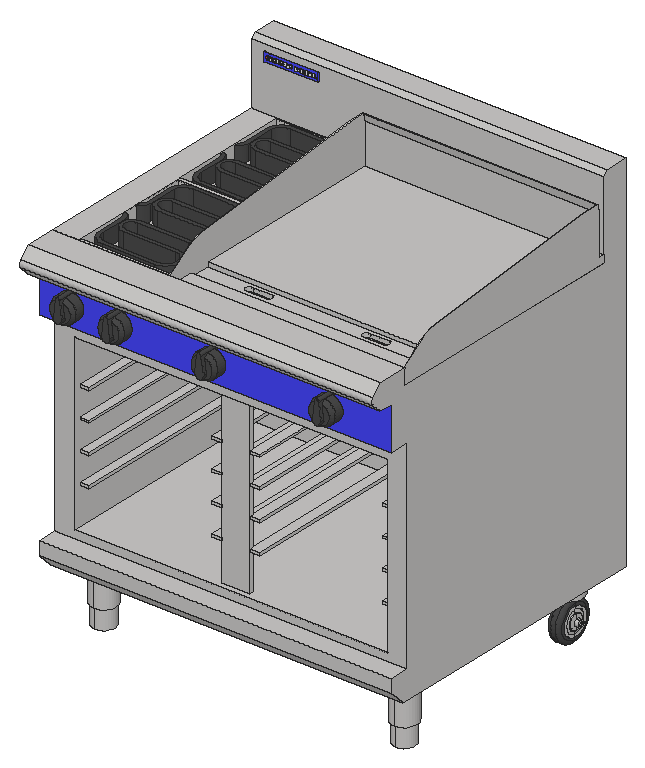
Revit family "QF_MOFFAT_BLUESEAL_CE_E516B-CB", category Specialty Equipment, Revit 2012 (continued)
Definition of nested family "ELECTRIC BURNER & GRIDDLE 900"
  Lines and regions (mm)
    symbolic lines
      curve 83: line (65.8, -320.251, 0) -> (294.362, -320.251, 0)
      curve 84: line (294.362, -320.251, 0) -> (294.362, -630, 0)
      curve 85: line (294.362, -630, 0) -> (65.8, -630, 0)
      curve 86: line (65.8, -630, 0) -> (65.8, -320.251, 0)
      curve 87: line (65.8, -312.651, 0) -> (65.8, -5, 0)
      curve 88: line (65.8, -5, 0) -> (294.362, -5, 0)
      curve 89: line (294.362, -5, 0) -> (294.362, -312.651, 0)
      curve 90: line (294.362, -312.651, 0) -> (65.8, -312.651, 0)
  Dimensions and locks
    equal spacing: plane 3 "LEFT", plane 7 "Center Y", plane 4 "RIGHT"
    "Width": plane 3 "LEFT" to plane 4 "RIGHT"
    equal spacing: plane 5 "FRONT", plane 8 "Center X", plane 1 "BACK"
    "Depth": plane 5 "FRONT" to plane 1 "BACK"
    aligned and locked: level to plane 2
  Automatic sketch dimensions
    plane 1 "BACK" to Extrusion 1 sketch curve = 0 mm
    Extrusion 1 sketch curve to plane 10 = 0 mm  (x2)
    Extrusion 1 sketch curve to plane 3 "LEFT" = 0 mm
    plane 5 "FRONT" to Extrusion 1 sketch curve = 0 mm
    plane 1 "BACK" to Extrusion 1 sketch curve = 5 mm
    plane 8 "Center X" to Extrusion 1 sketch curve = 4.849 mm
    Extrusion 1 sketch curve to plane 8 "Center X" = 2.751 mm
    Extrusion 1 sketch curve to plane 5 "FRONT" = 5 mm
    Extrusion 1 sketch curve to plane 7 "Center Y" = 155.638 mm  (x2)
    Extrusion 1 sketch curve to Extrusion 1 sketch curve = 5.638 mm
    Extrusion 2 sketch curve to Extrusion 2 sketch curve = 0 mm  (x35)
    plane 1 "BACK" to Extrusion 2 sketch curve = 9.75 mm
    Extrusion 2 sketch curve to Extrusion 2 sketch curve = 10 mm  (x2)
    plane 9 to Extrusion 2 sketch curve = 24.786 mm
    Extrusion 2 sketch curve to Extrusion 2 sketch curve = 0.182 mm  (x4)
    plane 9 to Extrusion 2 sketch curve = 23.546 mm
    plane 9 to Extrusion 2 sketch curve = 22.55 mm
    Extrusion 2 sketch curve to Extrusion 2 sketch curve = 17.7 mm  (x4)
    Extrusion 2 sketch curve to plane 9 = 46.093 mm
    Extrusion 2 sketch curve to Extrusion 2 sketch curve = 0.4 mm  (x2)
    Extrusion 2 sketch curve to Extrusion 2 sketch curve = 0.111 mm  (x2)
    Extrusion 2 sketch curve to Extrusion 2 sketch curve = 14.806 mm
    Extrusion 2 sketch curve to Extrusion 2 sketch curve = 10.393 mm
    Extrusion 2 sketch curve to Extrusion 2 sketch curve = 27.7 mm  (x6)
    Extrusion 2 sketch curve to Extrusion 2 sketch curve = 33.826 mm
    Extrusion 2 sketch curve to Extrusion 2 sketch curve = 10.413 mm  (x2)
    Extrusion 2 sketch curve to Extrusion 2 sketch curve = 14.364 mm
    Extrusion 2 sketch curve to Extrusion 2 sketch curve = 0.123 mm  (x2)
    Extrusion 2 sketch curve to Extrusion 2 sketch curve = 14.934 mm  (x2)
    Extrusion 2 sketch curve to Extrusion 2 sketch curve = 26.704 mm  (x2)
    Extrusion 2 sketch curve to Extrusion 2 sketch curve = 1.058 mm  (x3)
    Extrusion 2 sketch curve to plane 8 "Center X" = 4.75 mm
    Extrusion 2 sketch curve to plane 8 "Center X" = 40.214 mm
    Extrusion 2 sketch curve to Extrusion 2 sketch curve = 4.516 mm
    Extrusion 2 sketch curve to Extrusion 2 sketch curve = 0.447 mm
    Extrusion 2 sketch curve to Extrusion 2 sketch curve = 33.7 mm
    Extrusion 2 sketch curve to Extrusion 2 sketch curve = 10.306 mm
    Extrusion 2 sketch curve to Extrusion 2 sketch curve = 14.508 mm
    plane 3 "LEFT" to Extrusion 2 sketch curve = 59.946 mm  (x2)
    plane 3 "LEFT" to Extrusion 2 sketch curve = 60.128 mm  (x2)
    Extrusion 2 sketch curve to Extrusion 2 sketch curve = 4.872 mm
    Extrusion 2 sketch curve to Extrusion 2 sketch curve = 5.484 mm
    Extrusion 2 sketch curve to Extrusion 2 sketch curve = 5.667 mm  (x2)
    Extrusion 2 sketch curve to Extrusion 2 sketch curve = 26.701 mm  (x4)
    Extrusion 2 sketch curve to Extrusion 2 sketch curve = 0.999 mm  (x3)
    Extrusion 2 sketch curve to Extrusion 2 sketch curve = 0.156 mm
    Extrusion 2 sketch curve to Extrusion 2 sketch curve = 0.625 mm
    Extrusion 2 sketch curve to Extrusion 2 sketch curve = 1.25 mm  (x2)
    Extrusion 2 sketch curve to Extrusion 2 sketch curve = 132.6 mm
    Extrusion 2 sketch curve to Extrusion 2 sketch curve = 132.428 mm
    Extrusion 2 sketch curve to Extrusion 2 sketch curve = 131.35 mm
    curve 11 to curve 37 = 0 mm  (x2)
    curve 15 to curve 33 = 0 mm  (x2)
    curve 19 to curve 29 = 0 mm  (x2)
    curve 21 to curve 27 = 0 mm  (x2)
    curve 23 to curve 25 = 0 mm  (x2)
    curve 39 to curve 45 = 0 mm  (x2)
    curve 41 to curve 43 = 0 mm  (x2)
    curve 49 to curve 67 = 0 mm  (x2)
    curve 53 to curve 63 = 0 mm  (x2)
    curve 55 to curve 61 = 0 mm  (x2)
    curve 57 to curve 59 = 0 mm  (x2)
    curve 71 to curve 81 = 0 mm  (x2)
    curve 73 to curve 79 = 0 mm  (x2)
    curve 75 to curve 77 = 0 mm  (x2)
    curve 1 to plane 3 "LEFT" = 0 mm
    plane 5 "FRONT" to curve 7 = 0 mm
    curve 3 to plane 4 "RIGHT" = 0 mm
    plane 1 "BACK" to curve 82 = 0 mm
    plane 3 "LEFT" to curve 25 = 59.946 mm
    plane 3 "LEFT" to curve 75 = 59.946 mm
    plane 3 "LEFT" to curve 59 = 60.128 mm
    plane 3 "LEFT" to curve 43 = 60.128 mm
    curve 57 to curve 58 = 4.872 mm
    curve 23 to curve 25 = 5.667 mm
    curve 41 to curve 43 = 5.484 mm
    curve 75 to curve 76 = 5.667 mm
    curve 7 to plane 8 "Center X" = 2.751 mm
    plane 3 "LEFT" to curve 7 = 65.8 mm
    curve 90 to curve 7 = 0 mm
    curve 57 to curve 59 = 15.784 mm
    curve 75 to curve 74 = 15.967 mm
    curve 87 to curve 27 = 10.112 mm
    curve 87 to curve 39 = 10.112 mm
    curve 25 to curve 23 = 10 mm
    curve 39 to curve 44 = 10 mm
    curve 73 to curve 79 = 10 mm
    curve 59 to curve 57 = 10 mm
    curve 44 to curve 39 = 26.701 mm
    curve 21 to curve 27 = 26.701 mm
    curve 79 to curve 79 = 26.701 mm
    curve 56 to curve 55 = 26.701 mm
    curve 23 to curve 32 = 27.7 mm
    curve 36 to plane 9 = 15.15 mm
    curve 39 to curve 36 = 0.999 mm
    curve 56 to curve 66 = 27.7 mm
    curve 55 to curve 55 = 0.999 mm
    curve 77 to curve 68 = 27.7 mm
    curve 21 to curve 20 = 0.999 mm
    curve 79 to plane 8 "Center X" = 14.75 mm
    curve 73 to curve 79 = 0.999 mm
    curve 39 to curve 45 = 0.999 mm
    curve 35 to curve 13 = 0.156 mm
    curve 54 to curve 62 = 0.172 mm
    curve 45 to curve 39 = 0.172 mm
    curve 80 to curve 72 = 0.172 mm
    curve 20 to curve 27 = 0.172 mm
    curve 31 to curve 17 = 0.625 mm
    curve 65 to curve 51 = 1.25 mm
    curve 68 to curve 48 = 1.25 mm
    curve 54 to plane 5 "FRONT" = 25.75 mm
    curve 54 to curve 54 = 132.6 mm
    curve 50 to curve 63 = 0 mm
    curve 46 to curve 68 = 0 mm
    plane 1 "BACK" to curve 38 = 9.75 mm
    curve 39 to curve 38 = 132.428 mm
    curve 34 to curve 36 = 0 mm
    curve 30 to curve 32 = 0 mm
    plane 8 "Center X" to curve 90 = 4.849 mm
    curve 29 to curve 90 = 48.15 mm
    curve 9 to plane 5 "FRONT" = 0.299 mm
    curve 62 to curve 9 = 48.15 mm
    curve 8 to curve 89 = 0 mm
    curve 9 to curve 9 = 11.275 mm
    plane 4 "RIGHT" to curve 2 = 65.612 mm
    curve 6 to curve 86 = 5 mm
    curve 62 to curve 54 = 10 mm
    curve 55 to curve 60 = 25.464 mm
    curve 54 to curve 53 = 27.7 mm
    curve 64 to curve 65 = 17.7 mm
    curve 65 to curve 51 = 0 mm
    curve 59 to curve 66 = 4.457 mm
    curve 57 to curve 59 = 0.4 mm
    curve 59 to curve 57 = 0.111 mm
    curve 49 to curve 67 = 27.7 mm
    curve 57 to curve 77 = 33.7 mm
    curve 77 to curve 76 = 10.413 mm
    curve 75 to curve 77 = 14.364 mm
    curve 68 to curve 69 = 17.7 mm
    curve 69 to curve 47 = 0 mm
    curve 79 to curve 79 = 26.704 mm
    plane 8 "Center X" to curve 28 = 10.75 mm
    curve 28 to curve 19 = 10 mm
    curve 87 to curve 26 = 41.365 mm
    curve 20 to curve 19 = 27.7 mm
    curve 30 to curve 31 = 17.7 mm
    curve 31 to curve 17 = 0 mm
    curve 23 to curve 32 = 4.516 mm
    curve 23 to curve 26 = 0.447 mm
    curve 25 to curve 23 = 0.123 mm
    curve 15 to curve 33 = 27.7 mm
    curve 24 to curve 43 = 33.826 mm
    curve 42 to curve 41 = 10.393 mm
    curve 42 to curve 43 = 14.296 mm
    curve 35 to curve 13 = 0 mm
    curve 39 to curve 10 = 26.704 mm
    plane 1 "BACK" to curve 88 = 5 mm
  Nested families
    nested 1: "ELECTRIC GRIDDLE PLATE 300" at (300, -15, 0), type "ELECTRIC GRIDDLE PLATE 300"
      with Width 600 mm, Type Mark "", Status "", Specification by User "", Show Clearance yes, Revision Code "", Number of Poles 1, Mechanical Remarks "", Mechanical Connection Type "", Item Number "", Installed By "", Identify Quantity as Lot yes, Gas RI Height 0 mm, Gas KW 0, Gas Input 0.0 Btu/h, Furnished By "", Foodservice Equipment Identifier yes, Electrical Remarks "", Electric Connection Type "", Elec Conn RI Height 0 mm, Elec Conn Connection Height 0 mm, Depth 620 mm
  Definition of nested family "ELECTRIC GRIDDLE PLATE 300"
    Parameters (values of type "ELECTRIC GRIDDLE PLATE 300")
      Width [instance] = 600 mm
      Weight in Pounds = 0
      Watts = 0 W
      Volts = 0 V
      URL Cutsheet = ""
      Type Mark [instance] = ""
      Status [instance] = ""
      Specification by User [instance] = ""
      Specification by Manufacturer = ""
      Show Clearance [instance] = yes
      Serial Number = ""
      Seismic Rating = ""
      SMACNA No = ""
      Revision Code [instance] = ""
      Phase = 1
      Omniclass Number and Title = ""
      Number of Poles [instance] = 1
      NAFEM Spec ID Number = ""
      Min Ckt Ampacity = 0 A
      Mechanical Remarks [instance] = ""
      Mechanical Connection Type [instance] = ""
      Max Overcurrent Protection = 0 A
      Masterspec = ""
      Item Number [instance] = ""
      Installed By [instance] = ""
      Identify Quantity as Lot [instance] = yes
      HP = ""
      Gas Size = 0"
      Gas RI Height [instance] = 0 mm
      Gas KW [instance] = 0
      Gas Input [instance] = 0.0 Btu/h
      Gas Connection Height = 0 mm
      Furnished By [instance] = ""
      Foodservice Equipment Identifier [instance] = yes
      FL Amps = 0 A
      Electrical Remarks [instance] = ""
      Electric Connection Type [instance] = ""
      Elec Conn RI Height [instance] = 0 mm
      Elec Conn Connection Height [instance] = 0 mm
      Depth [instance] = 620 mm
      Cycle = 0 Hz
      Conn Plug = ""
      Conn Conduit = yes
      CSI MasterFormat = ""
      CSI Master Format = ""
      Apparent Power = if(Phase = 3, Volts * FL Amps * 1.73, Volts * FL Amps)  # 0 VA
    Reference planes
      plane 1 "BACK": y = 0
      plane 2: z = 0
      plane 3 "LEFT": x = 0
      plane 4 "RIGHT": x = 600
      plane 5 "FRONT": y = -620
      plane 6 "TOP": z = 142.5
      plane 7 "Center Y": x = 300
      plane 8 "Center X": y = -310
      plane 9: y = -530.997
      plane 10: y = -541.497
      plane 11: y = -503.25
      plane 12: y = -557.737
    Forms (mm)
      Extrusion 1, solid, material "QF_Finishes_Stainless Steel"
        sketch origin (0, 70.003, -874.5) x (0, 1, 0) y (0, 0, 1)
          loop
            line (-70, 875) -> (-70, 997.489) -> (-75.228, 1017) -> (-117.24, 1017) -> (-589.533, 971.523)
            arc (-589.533, 971.523) -> (-614.56, 965.803) -> (-637.306, 953.899) r 100
            line (-637.306, 953.899) -> (-690.003, 917) -> (-690.003, 875) -> (-70, 875)
        from 0 to 1.8
      Extrusion 2, solid, material "QF_Finishes_Stainless Steel"
        sketch origin (600, 70.003, -874.5) x (0, -1, 0) y (0, 0, 1)
          loop
            line (70, 875) -> (690.003, 875) -> (690.003, 917) -> (637.306, 953.899)
            arc (637.306, 953.899) -> (614.56, 965.803) -> (589.533, 971.523) r 100
            line (589.533, 971.523) -> (117.24, 1017) -> (75.228, 1017) -> (70, 997.489) -> (70, 875)
        from 0 to 1.2
      Extrusion 3, solid, material "QF_Finishes_Stainless Steel"
        sketch origin (150, 70.003, -874.5) x (0, 1, 0) y (0, 0, 1)
          loop
            line (-55, 895) -> (-573.253, 895) -> (-573.253, 884.5) -> (-627.74, 884.5) -> (-627.74, 895) -> (-690.003, 895) -> (-690.003, 875) -> (-55, 875) -> (-55, 895)
        from -148.2 to 450
      Extrusion 4, void
        sketch origin (150, -541.497, 10) x (0, -1, 0) y (1, 0, 0)
          loop
            arc (-7.497, 325) -> (-17.497, 335) -> (-27.497, 325) r 10
            line (-27.497, 325) -> (-27.497, 275)
            arc (-27.497, 275) -> (-17.497, 265) -> (-7.497, 275) r 10
            line (-7.497, 275) -> (-7.497, 325)
          loop
            arc (-7.497, 25) -> (-17.497, 35) -> (-27.497, 25) r 10
            line (-27.497, 25) -> (-27.497, -25)
            arc (-27.497, -25) -> (-17.497, -35) -> (-7.497, -25) r 10
            line (-7.497, -25) -> (-7.497, 25)
        from -41.4 to 40.142
      Extrusion 5, solid, material "QF_Finishes_Stainless Steel"
        sketch origin (0, 70.003, -874.5) x (0, 1, 0) y (0, 0, 1)
          loop
            line (-70, 875) -> (-70, 997.489) -> (-75.228, 1017) -> (-76.884, 1017) -> (-71.6, 997.278) -> (-71.6, 875) -> (-70, 875)
        from 0 to 598.8
    Cuts and joins
      Extrusion 4 cuts Extrusion 3
      joined: Extrusion 1, Extrusion 2, Extrusion 3, Extrusion 5
    Lines and regions (mm)
      symbolic lines
        curve 1: line (598.8, -503.25, 0) -> (1.8, -503.25, 0)
        curve 2: line (1.8, -557.737, 0) -> (598.8, -557.737, 0)
        curve 3: line (1.8, -1.68, 0) -> (598.8, -1.68, 0)
        curve 4: line (598.8, -1.68, 0) -> (598.8, -620, 0)
        curve 5: line (1.8, -620, 0) -> (1.8, -1.68, 0)
        curve 6: line (1.8, -620, 0) -> (598.8, -620, 0)
        curve 7: line (125, -514, 0) -> (175, -514, 0)
        curve 8: arc (175, -514, 0) -> (185, -524, 0) -> (175, -534, 0) r 10
        curve 9: line (175, -534, 0) -> (125, -534, 0)
        curve 10: arc (125, -534, 0) -> (115, -524, 0) -> (125, -514, 0) r 10
        curve 11: line (425, -514, 0) -> (475, -514, 0)
        curve 12: arc (475, -514, 0) -> (485, -524, 0) -> (475, -534, 0) r 10
        curve 13: line (475, -534, 0) -> (425, -534, 0)
        curve 14: arc (425, -534, 0) -> (415, -524, 0) -> (425, -514, 0) r 10
    Dimensions and locks
      equal spacing: plane 3 "LEFT", plane 7 "Center Y", plane 4 "RIGHT"
      "Width": plane 3 "LEFT" to plane 4 "RIGHT"
      equal spacing: plane 5 "FRONT", plane 8 "Center X", plane 1 "BACK"
      "Depth": plane 5 "FRONT" to plane 1 "BACK"
      locked: Extrusion 2 to Extrusion 2 at 1.2
      aligned and locked: level to plane 2
      aligned and locked: Extrusion 2 to plane 4 "RIGHT"
      aligned and locked: curve 1 to plane 11
      aligned and locked: plane 12 to curve 2
      aligned and locked: Extrusion 5 to cut or joined group of Extrusion 1, Extrusion 2, Extrusion 3, Extrusion 4, Extrusion 5
      aligned and locked: cut or joined group of Extrusion 1, Extrusion 2, Extrusion 3, Extrusion 4, Extrusion 5 to plane 4 "RIGHT"
    Automatic sketch dimensions
      plane 5 "FRONT" to curve 6 = 0 mm
      plane 3 "LEFT" to curve 6 = 1.8 mm
      plane 4 "RIGHT" to curve 4 = 1.2 mm
      plane 1 "BACK" to curve 3 = 1.68 mm
      Extrusion 1 sketch curve to plane 5 "FRONT" = 0 mm
      Extrusion 1 sketch curve to plane 6 "TOP" = 0 mm
      plane 12 to Extrusion 1 sketch curve = 9.566 mm
      plane 11 to Extrusion 1 sketch curve = 16.28 mm
      Extrusion 1 sketch curve to level = 2.516 mm
      plane 11 to Extrusion 1 sketch curve = 6.695 mm
      plane 1 "BACK" to Extrusion 1 sketch curve = 47.237 mm
      plane 1 "BACK" to Extrusion 1 sketch curve = 5.225 mm
      Extrusion 1 sketch curve to plane 1 "BACK" = 0.003 mm
      level to Extrusion 1 sketch curve = 0.5 mm
      Extrusion 1 sketch curve to Extrusion 1 sketch curve = 42 mm
      Extrusion 1 sketch curve to plane 6 "TOP" = 63.101 mm
      Extrusion 1 sketch curve to plane 6 "TOP" = 19.511 mm
      Extrusion 2 sketch curve to plane 6 "TOP" = 0 mm
      Extrusion 2 sketch curve to plane 5 "FRONT" = 0 mm
      plane 12 to Extrusion 2 sketch curve = 9.566 mm
      plane 11 to Extrusion 2 sketch curve = 16.28 mm
      Extrusion 2 sketch curve to level = 2.516 mm
      plane 11 to Extrusion 2 sketch curve = 6.695 mm
      plane 1 "BACK" to Extrusion 2 sketch curve = 47.237 mm
      plane 1 "BACK" to Extrusion 2 sketch curve = 5.225 mm
      Extrusion 2 sketch curve to plane 1 "BACK" = 0.003 mm
      level to Extrusion 2 sketch curve = 0.5 mm
      Extrusion 2 sketch curve to Extrusion 2 sketch curve = 42 mm
      Extrusion 2 sketch curve to plane 6 "TOP" = 63.101 mm
      Extrusion 2 sketch curve to plane 6 "TOP" = 19.511 mm
      Extrusion 3 sketch curve to plane 5 "FRONT" = 0 mm
      Extrusion 3 sketch curve to plane 12 = 0 mm
      Extrusion 3 sketch curve to plane 11 = 0 mm
      Extrusion 3 sketch curve to plane 1 "BACK" = 15.003 mm
      level to Extrusion 3 sketch curve = 0.5 mm
      level to Extrusion 3 sketch curve = 10 mm
      Extrusion 3 sketch curve to Extrusion 3 sketch curve = 10.5 mm  (x2)
      plane 1 "BACK" to Extrusion 5 sketch curve = 5.225 mm
      Extrusion 5 sketch curve to plane 1 "BACK" = 0.003 mm
      Extrusion 5 sketch curve to plane 6 "TOP" = 19.511 mm
      Extrusion 5 sketch curve to Extrusion 5 sketch curve = 1.6 mm
      Extrusion 5 sketch curve to Extrusion 5 sketch curve = 0.211 mm
      Extrusion 5 sketch curve to plane 6 "TOP" = 0 mm
      Extrusion 5 sketch curve to Extrusion 5 sketch curve = 1.656 mm
      level to Extrusion 5 sketch curve = 0.5 mm
      plane 11 to Extrusion 4 sketch curve = 10.75 mm  (x2)
      Extrusion 4 sketch curve to Extrusion 4 sketch curve = 10 mm  (x2)
      plane 3 "LEFT" to Extrusion 4 sketch curve = 125 mm
      Extrusion 4 sketch curve to Extrusion 4 sketch curve = 50 mm  (x2)
      plane 7 "Center Y" to Extrusion 4 sketch curve = 125 mm
      plane 11 to curve 10 = 10.75 mm
      curve 1 to curve 10 = 123.2 mm
      curve 9 to plane 12 = 23.737 mm
      curve 9 to curve 9 = 50 mm
      plane 11 to curve 14 = 10.75 mm
      plane 7 "Center Y" to curve 14 = 125 mm
      curve 13 to plane 12 = 23.737 mm
      curve 13 to curve 13 = 50 mm
